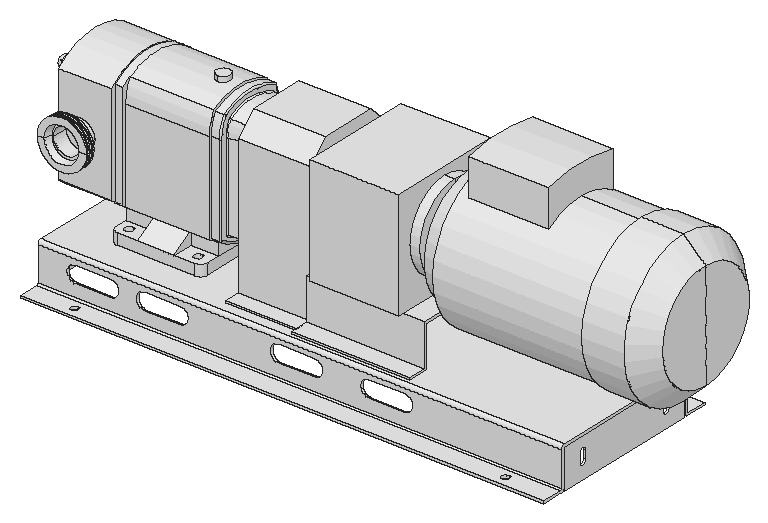
Revit family "MLP 25 - MR172 - Lobe Pump ", category Specialty Equipment, Revit 2022
Family settings
  Round Connector Dimension = Use Diameter
  Part Type = Normal
  Work Plane-Based = No
  Always vertical = Yes
  Cut with Voids When Loaded = No
  Maintain Annotation Orientation = No
  Shared = No
  Room Calculation Point = No
Parameters (values of type "MLP 25 - 4kW")
  URL = "https://en.ekinendustriyel.com/lobe-pumps/lobe-pumps"
  Pressure = 20.0 bar  # constant formula
  Motor Power = 4 kW  # constant formula
  Model = "MLP-23 TUL - MR172"
  Manufacturer = "Ekin Endüstriyel"
  Keynote = "Double Serpentine Heater Tank"
  Flow = 5.0 m³/h  # constant formula
  Description = "MIT MLP 23 - Lobe Pump"
  Default Elevation = 0 mm
  2 = not(M1)  # yes
  M1 = no
Types (3, lengths in mm): name | 2 | M1
  MLP 25 - 2.2kW | no | yes
  MLP 25 - 3kW | no | yes
  MLP 25 - 4kW | yes | no
Reference planes
  plane 1 "Center (Front/Back)": y = 0
  plane 2: z = 0
  plane 3 "Center (Left/Right)": x = 0
Forms (mm)
  Extrusion 1, solid, material "Ekin Endüstriyel_StainlesSteel", detail levels medium+fine
    sketch origin (0, 0, 0) x (0, 1, 0) y (0, 0, 1)
      loop
        arc (65, 198) -> (0, 223) -> (-65, 198) r 97
        line (-65, 198) -> (-65, 54)
        arc (-65, 54) -> (0, 29) -> (65, 54) r 97
        line (65, 54) -> (65, 198)
    from 12.606 to -63.081
  Extrusion 2, solid, material "Ekin Endüstriyel_StainlesSteel", detail levels medium+fine
    sketch origin (0, 0, 0) x (0, 1, 0) y (0, 0, 1)
      loop
        arc (-48, 210.291) -> (-53.968, 195.324) -> (-56, 179.34) r 63.873
        line (-56, 179.34) -> (-56, 46.798)
        arc (-56, 46.798) -> (0, 29) -> (56, 46.798) r 97
        line (56, 46.798) -> (56, 169.858)
        arc (56, 169.858) -> (53.981, 190.467) -> (48, 210.291) r 106.175
        arc (48, 210.291) -> (0, 223) -> (-48, 210.291) r 97
    from 146.106 to 24.606
  Extrusion 3, solid, material "Ekin Endüstriyel_StainlesSteel", detail levels coarse
    sketch origin (0, 0, 0) x (0, 1, 0) y (0, 0, 1)
      loop
        arc (65, 198) -> (0, 223) -> (-65, 198) r 97
        line (-65, 198) -> (-65, 54)
        arc (-65, 54) -> (0, 29) -> (65, 54) r 97
        line (65, 54) -> (65, 198)
    from -63.081 to 197.106
  Sweep 4, solid, material "Ekin Endüstriyel_StainlesSteel", detail levels medium+fine
    path in 3D
      loop
        arc (146.106, 48, 210.291) -> (146.106, 53.981, 190.467) -> (146.106, 56, 169.858) r 106.175
        line (146.106, 56, 169.858) -> (146.106, 56, 46.798)
        arc (146.106, 56, 46.798) -> (146.106, 0, 29) -> (146.106, -56, 46.798) r 97
        line (146.106, -56, 46.798) -> (146.106, -56, 179.34)
        arc (146.106, -56, 179.34) -> (146.106, -53.968, 195.324) -> (146.106, -48, 210.291) r 63.873
        arc (146.106, -48, 210.291) -> (146.106, 0, 223) -> (146.106, 48, 210.291) r 97
    profile origin (146.106, 0, 223) x (0, 0, 1) y (1, 0, 0)
      loop
        line (-2.005, 0) -> (-2.005, 13.034)
        arc (-2.005, 13.034) -> (-2.584, 14.431) -> (-3.981, 15.01) r 1.976
        line (-3.981, 15.01) -> (-10.05, 15.01)
        arc (-10.05, 15.01) -> (-11.399, 15.533) -> (-12.042, 16.828) r 2
        line (-12.042, 16.828) -> (-14.997, 49.192)
        arc (-14.997, 49.192) -> (-15.641, 50.487) -> (-16.989, 51.01) r 2
        line (-16.989, 51.01) -> (-23.918, 51.01) -> (-23.918, 0) -> (-2.005, 0)
  Extrusion 5, solid, material "Ekin Endüstriyel_StainlesSteel", detail levels medium+fine
    sketch origin (0, 0, 0) x (0, 1, 0) y (0, 0, 1)
      loop
        arc (-29.766, 192.746) -> (-31.499, 186.142) -> (-32.082, 179.34) r 39.955
        line (-32.082, 179.34) -> (-32.082, 60.336)
        arc (-32.082, 60.336) -> (0, 52.918) -> (32.082, 60.336) r 73.082
        line (32.082, 60.336) -> (32.082, 169.858)
        arc (32.082, 169.858) -> (31.232, 181.657) -> (28.697, 193.212) r 82.257
        arc (28.697, 193.212) -> (-0.583, 199.08) -> (-29.766, 192.746) r 73.082
    from 197.117 to 146.106
  Revolve 6, solid, material "Ekin Endüstriyel_StainlesSteel", detail levels fine
    sketch origin (35.739, 0, 123.787) x (1, 0, 0) y (0, 1, 0)
      loop
        line (-91.533, -65.017) -> (-91.533, -81.986) -> (-102.84, -81.986) -> (-104.31, -82.834) -> (-102.306, -83.991) -> (-104.31, -85.147) -> (-102.306, -86.304) -> (-104.31, -87.461) -> (-102.306, -88.617) -> (-104.31, -89.774) -> (-102.305, -90.932) -> (-104.31, -92.089) -> (-102.306, -93.246) -> (-104.31, -94.403) -> (-102.306, -95.559) -> (-104.665, -96.921) -> (-95.021, -96.921) -> (-92.632, -86.921) -> (-89.13, -86.921) -> (-89.13, -65.017) -> (-91.533, -65.017)
      axis (-69.763, -65.017) -> (-69.763, -96.921)
    angle from 0 to 360
  Extrusion 7, solid, material "Ekin Endüstriyel_StainlesSteel"
    sketch origin (-63.081, 0, 0) x (0, -1, 0) y (0, 0, 1)
      loop
        circle (0, 126) r 50
    from 0 to 8.313
  Extrusion 8, solid, material "Ekin Endüstriyel_StainlesSteel", detail levels medium+fine
    sketch origin (0, 0, 0) x (0, 1, 0) y (0, 0, 1)
      loop
        line (-34.093, 32.841) -> (-65, 15) -> (65, 15) -> (34.097, 32.842)
        arc (34.097, 32.842) -> (0.002, 27.834) -> (-34.093, 32.841) r 118.583
    from 49.717 to 102.402
  Extrusion 9, solid, material "Ekin Endüstriyel_StainlesSteel", detail levels medium
    sketch origin (-75.568, 0, 30.923) x (1, 0, 0) y (0, 0, 1)
      loop
        circle (41.544, 92.864) r 34.902
      loop
        circle (41.544, 92.864) r 25.078
    from 65.017 to 96.921
  Extrusion 10, solid, material "Ekin Endüstriyel_StainlesSteel"
    sketch origin (107.25, 0, 153) x (0, 0, 1) y (0, 1, 0)
      loop
        circle (0, 0) r 11
    from -136.356 to -89.856
  Extrusion 11, solid, material "Ekin Endüstriyel_StainlesSteel", detail levels medium+fine
    sketch origin (0, 0, 0) x (0, 1, 0) y (0, 0, 1)
      loop
        line (-60, 202.217) -> (-60, 49.783)
        arc (-60, 49.783) -> (0, 29) -> (60, 49.783) r 97
        line (60, 49.783) -> (60, 202.217)
        arc (60, 202.217) -> (0, 223) -> (-60, 202.217) r 97
    from 24.606 to 12.606
  Extrusion 12, solid, material "Ekin Endüstriyel_StainlesSteel", detail levels coarse
    sketch origin (-99.135, 0, 4.353) x (1, 0, 0) y (0, 0, 1)
      loop
        circle (65.111, 119.434) r 34.902
    from 65 to 96.921
  Extrusion 13, solid, material "Ekin Endüstriyel_StainlesSteel"
    sketch origin (0, 0, 0) x (1, 0, 0) y (0, 1, 0)
      loop
        line (20.606, -65) -> (132.606, -65)
        arc (132.606, -65) -> (139.677, -62.071) -> (142.606, -55) r 10
        line (142.606, -55) -> (142.606, 55)
        arc (142.606, 55) -> (139.677, 62.071) -> (132.606, 65) r 10
        line (132.606, 65) -> (20.606, 65)
        arc (20.606, 65) -> (13.535, 62.071) -> (10.606, 55) r 10
        line (10.606, 55) -> (10.606, -55)
        arc (10.606, -55) -> (13.535, -62.071) -> (20.606, -65) r 10
      loop
        circle (25.606, -50) r 6
      loop
        circle (125.606, -50) r 6
      loop
        circle (125.606, 50) r 6
      loop
        circle (25.606, 50) r 6
    from 0 to 15
  Extrusion 14, solid, material "Ekin Endüstriyel_StainlesSteel"
    sketch origin (0, 0, 0) x (0, 1, 0) y (0, 0, 1)
      loop
        line (-31.587, 34.287) -> (-35.009, 32.312) -> (-35.009, 15) -> (35.026, 15) -> (35.026, 32.305) -> (31.591, 34.289)
        arc (31.591, 34.289) -> (0.002, 29) -> (-31.587, 34.287) r 97
    from 10.606 to 142.606
  Revolve 15, solid, material "Ekin Endüstriyel_StainlesSteel", detail levels fine
    sketch origin (56.401, 0, 191.795) x (1, 0, 0) y (0, 1, 0)
      loop
        line (-119.482, -30.426) -> (-128.896, -30.426)
        arc (-128.896, -30.426) -> (-135.428, -33.235) -> (-137.883, -39.91) r 9
        line (-137.883, -39.91) -> (-119.482, -39.91) -> (-119.482, -30.426)
      axis (-119.482, -39.954) -> (-137.883, -39.954)
    angle from 0 to 360
  Extrusion 16, solid, material "Ekin Endüstriyel_StainlesSteel", detail levels medium+fine
    sketch origin (0, 0, 0) x (1, 0, 0) y (0, 1, 0)
      loop
        circle (121.106, 0) r 10
    from 221 to 229
  Extrusion 17, solid, material "Ekin Endüstriyel_StainlesSteel", detail levels coarse+medium
    sketch origin (-119.482, 0, 146.417) x (0, 0, 1) y (0, 1, 0)
      loop
        circle (45.378, -39.954) r 9.5
      loop
        circle (45.378, 39.954) r 9.5
      loop
        circle (-86.212, 39.954) r 9.5
      loop
        circle (-86.212, -39.954) r 9.5
    from -56.401 to -38.013
  Revolve 18, solid, material "Ekin Endüstriyel_StainlesSteel", detail levels fine
    sketch origin (56.401, 0, 191.795) x (1, 0, 0) y (0, 1, 0)
      loop
        line (-119.482, 49.437) -> (-128.896, 49.437)
        arc (-128.896, 49.437) -> (-135.428, 46.628) -> (-137.883, 39.954) r 9
        line (-137.883, 39.954) -> (-119.482, 39.954) -> (-119.482, 49.437)
      axis (-119.482, 39.954) -> (-137.883, 39.954)
    angle from 0 to 360
  Revolve 19, solid, material "Ekin Endüstriyel_StainlesSteel", detail levels fine
    sketch origin (56.401, 0, 60.205) x (1, 0, 0) y (0, 1, 0)
      loop
        line (-119.482, -30.426) -> (-128.896, -30.426)
        arc (-128.896, -30.426) -> (-135.428, -33.235) -> (-137.883, -39.91) r 9
        line (-137.883, -39.91) -> (-119.482, -39.91) -> (-119.482, -30.426)
      axis (-119.482, -39.954) -> (-137.883, -39.954)
    angle from 0 to 360
  Revolve 20, solid, material "Ekin Endüstriyel_StainlesSteel", detail levels fine
    sketch origin (56.401, 0, 60.205) x (1, 0, 0) y (0, 1, 0)
      loop
        line (-119.482, 49.437) -> (-128.896, 49.437)
        arc (-128.896, 49.437) -> (-135.428, 46.628) -> (-137.883, 39.954) r 9
        line (-137.883, 39.954) -> (-119.482, 39.954) -> (-119.482, 49.437)
      axis (-119.482, 39.954) -> (-137.883, 39.954)
    angle from 0 to 360
  Revolve 21, solid, material "Ekin Endüstriyel_StainlesSteel", detail levels fine
    sketch origin (35.739, 0, 123.787) x (1, 0, 0) y (0, 1, 0)
      loop
        line (-91.533, 65.017) -> (-89.13, 65.017) -> (-89.13, 86.921) -> (-92.632, 86.921) -> (-95.021, 96.921) -> (-104.665, 96.921) -> (-102.306, 95.559) -> (-104.31, 94.403) -> (-102.306, 93.246) -> (-104.31, 92.089) -> (-102.305, 90.932) -> (-104.31, 89.774) -> (-102.306, 88.617) -> (-104.31, 87.461) -> (-102.306, 86.304) -> (-104.31, 85.147) -> (-102.306, 83.991) -> (-104.31, 82.834) -> (-102.84, 81.986) -> (-91.533, 81.986) -> (-91.533, 65.017)
      axis (-69.763, 65.017) -> (-69.763, 96.921)
    angle from 0 to 360
  Extrusion 22, solid, material "Ekin Endüstriyel_StainlesSteel", detail levels medium
    sketch origin (-75.568, 0, 30.923) x (1, 0, 0) y (0, 0, -1)
      loop
        circle (41.544, -92.864) r 34.902
      loop
        circle (41.544, -92.864) r 25.078
    from 65.017 to 96.921
  Extrusion 23, solid, material "Ekin Endüstriyel_StainlesSteel", detail levels coarse
    sketch origin (-99.135, 0, 4.353) x (1, 0, 0) y (0, 0, -1)
      loop
        circle (65.111, -119.434) r 34.902
    from 65 to 96.921
  Extrusion 24, solid, material "Ekin Endüstriyel_StainlesSteel", detail levels medium+fine
    sketch origin (69.169, -0.001, 0) x (0, 1, 0) y (0, 0, 1)
      loop
        line (145, -57) -> (114.5, -57)
        arc (114.5, -57) -> (113.086, -56.414) -> (112.5, -55) r 2
        line (112.5, -55) -> (112.5, -5)
        arc (112.5, -5) -> (111.036, -1.464) -> (107.5, 0) r 5
        line (107.5, 0) -> (-107.5, 0)
        arc (-107.5, 0) -> (-111.036, -1.464) -> (-112.5, -5) r 5
        line (-112.5, -5) -> (-112.5, -55)
        arc (-112.5, -55) -> (-113.086, -56.414) -> (-114.5, -57) r 2
        line (-114.5, -57) -> (-145, -57) -> (-145, -60) -> (-114.5, -60)
        arc (-114.5, -60) -> (-110.964, -58.536) -> (-109.5, -55) r 5
        line (-109.5, -55) -> (-109.5, -5)
        arc (-109.5, -5) -> (-108.914, -3.586) -> (-107.5, -3) r 2
        line (-107.5, -3) -> (107.5, -3)
        arc (107.5, -3) -> (108.914, -3.586) -> (109.5, -5) r 2
        line (109.5, -5) -> (109.5, -55)
        arc (109.5, -55) -> (110.964, -58.536) -> (114.5, -60) r 5
        line (114.5, -60) -> (145, -60) -> (145, -57)
    from -124.25 to 629.75
  Extrusion 25, void
    sketch origin (69.169, -112.501, -5) x (0, 0, -1) y (1, 0, 0)
      loop
        line (7.5, -20.25) -> (7.5, -70.25)
        arc (7.5, -70.25) -> (20, -82.75) -> (32.5, -70.25) r 12.5
        line (32.5, -70.25) -> (32.5, -20.25)
        arc (32.5, -20.25) -> (20, -7.75) -> (7.5, -20.25) r 12.5
      loop
        arc (7.5, 29.75) -> (20, 17.25) -> (32.5, 29.75) r 12.5
        line (32.5, 29.75) -> (32.5, 79.75)
        arc (32.5, 79.75) -> (20, 92.25) -> (7.5, 79.75) r 12.5
        line (7.5, 79.75) -> (7.5, 29.75)
      loop
        line (7, 272.75) -> (7, 222.75)
        arc (7, 222.75) -> (19.5, 210.25) -> (32, 222.75) r 12.5
        line (32, 222.75) -> (32, 272.75)
        arc (32, 272.75) -> (19.5, 285.25) -> (7, 272.75) r 12.5
      loop
        arc (7, 352.75) -> (19.5, 340.25) -> (32, 352.75) r 12.5
        line (32, 352.75) -> (32, 402.75)
        arc (32, 402.75) -> (19.5, 415.25) -> (7, 402.75) r 12.5
        line (7, 402.75) -> (7, 352.75)
    from 0 to -225
  Extrusion 26, solid, material "Ekin Endüstriyel_StainlesSteel", detail levels medium+fine
    sketch origin (-55.081, -0.001, 0) x (0, -1, 0) y (0, 0, 1)
      loop
        line (-107.5, -60) -> (107.5, -60) -> (107.5, -3) -> (-107.5, -3) -> (-107.5, -60)
      loop
        arc (-69, -24) -> (-75, -18) -> (-81, -24) r 6
        line (-81, -24) -> (-81, -36)
        arc (-81, -36) -> (-75, -42) -> (-69, -36) r 6
        line (-69, -36) -> (-69, -24)
      loop
        arc (81, -24) -> (75, -18) -> (69, -24) r 6
        line (69, -24) -> (69, -36)
        arc (69, -36) -> (75, -42) -> (81, -36) r 6
        line (81, -36) -> (81, -24)
    from 0 to -3
  Extrusion 27, solid, material "Ekin Endüstriyel_StainlesSteel", detail levels medium+fine
    sketch origin (695.919, -0.001, 0) x (0, -1, 0) y (0, 0, 1)
      loop
        line (-107.5, -60) -> (107.5, -60) -> (107.5, -3) -> (-107.5, -3) -> (-107.5, -60)
      loop
        arc (-69, -24) -> (-75, -18) -> (-81, -24) r 6
        line (-81, -24) -> (-81, -36)
        arc (-81, -36) -> (-75, -42) -> (-69, -36) r 6
        line (-69, -36) -> (-69, -24)
      loop
        arc (81, -24) -> (75, -18) -> (69, -24) r 6
        line (69, -24) -> (69, -36)
        arc (69, -36) -> (75, -42) -> (81, -36) r 6
        line (81, -36) -> (81, -24)
    from 0 to -3
  Extrusion 28, void
    sketch origin (69.169, -0.001, 0) x (1, 0, 0) y (0, 1, 0)
      loop
        circle (562.75, 130) r 5.5
      loop
        circle (-57.25, 130) r 5.5
      loop
        circle (-57.25, -130) r 5.5
      loop
        circle (562.75, -130) r 5.5
    from -60 to -57
  Extrusion 29, solid, material "Ekin Endüstriyel_StainlesSteel", detail levels coarse
    sketch origin (69.169, -0.001, 0) x (1, 0, 0) y (0, 1, 0)
      loop
        line (-124.25, -145) -> (629.75, -145) -> (629.75, 145) -> (-124.25, 145) -> (-124.25, -145)
    from 0 to -60
  Extrusion 30, solid, material "Ekin Endüstriyel_StainlesSteel", detail levels medium+fine
    sketch origin (195.419, -0.001, 0) x (0, 1, 0) y (0, 0, 1)
      loop
        line (-68.052, 199.987) -> (-68.052, 1.499) -> (-91.833, 1.499) -> (-91.833, 0) -> (-43.922, 0) -> (-43.922, 189.992) -> (-30.826, 203.088) -> (30.828, 203.088) -> (43.924, 189.992) -> (43.924, 0) -> (91.835, 0) -> (91.835, 1.499) -> (68.054, 1.499) -> (68.054, 199.987) -> (40.823, 227.218) -> (-40.821, 227.218) -> (-68.052, 199.987)
    from 2.472 to 105.552
  Extrusion 31, solid, material "Ekin Endüstriyel_StainlesSteel", detail levels coarse
    sketch origin (69.169, -0.001, 0) x (0, 1, 0) y (0, 0, 1)
      loop
        line (-75, 63) -> (-75, 0) -> (75, 0) -> (75, 63) -> (-75, 63)
    from 231.75 to 401.75
  Extrusion 32, solid, material "Ekin Endüstriyel_StainlesSteel", detail levels coarse
    sketch origin (195.419, -0.001, 0) x (0, 1, 0) y (0, 0, 1)
      loop
        line (-68.052, 199.987) -> (-68.052, 0) -> (68.054, 0) -> (68.054, 199.987) -> (40.823, 227.218) -> (-40.821, 227.218) -> (-68.052, 199.987)
    from 2.472 to 105.552
  Extrusion 33, solid, material "Ekin Endüstriyel_StainlesSteel", detail levels medium+fine
    sketch origin (69.169, -0.001, 0) x (0, 1, 0) y (0, 0, 1)
      loop
        line (-102, 3) -> (-102, 0) -> (-72, 0) -> (-72, 60) -> (72, 60) -> (72, 0) -> (102, 0) -> (102, 3) -> (75, 3) -> (75, 63) -> (-75, 63) -> (-75, 3) -> (-102, 3)
    from 231.75 to 401.75
  Extrusion 34, solid, material "Ekin Endüstriyel_StainlesSteel", visible <- "M1", detail levels coarse
    sketch origin (69.169, -0.001, 0) x (0, 1, 0) y (0, 0, 1)
      loop
        circle (-0.388, 146.929) r 96.636
    from 370.695 to 722.269
  Extrusion 35, solid, material "Ekin Endüstriyel_StainlesSteel", detail levels medium+fine
    sketch origin (69.169, -0.001, 0) x (0, 1, 0) y (0, 0, 1)
      loop
        line (-82.629, 63) -> (82.567, 63) -> (82.567, 220) -> (-82.629, 220) -> (-82.629, 63)
    from 242.269 to 370.695
  Revolve 36, solid, material "Ekin Endüstriyel_StainlesSteel", visible <- "M1", detail levels medium+fine
    sketch origin (69.169, -0.389, 73) x (0, 0, -1) y (1, 0, 0)
      loop
        line (-73.929, 721.25) -> (-144.639, 721.25) -> (-170.565, 695.324) -> (-170.565, 631.695) -> (-167.111, 631.695) -> (-167.111, 432.311) -> (-156.598, 432.311) -> (-150.318, 402.311) -> (-115.897, 402.311) -> (-115.897, 386.266) -> (-136.938, 386.266) -> (-136.938, 371.266) -> (-73.929, 371.266) -> (-73.929, 721.25)
      loop
        line (-129.177, 242.755) -> (-114.928, 242.755) -> (-114.753, 237.758) -> (-97.5, 237.758) -> (-97.5, 231.75) -> (-73.929, 231.75) -> (-73.929, 255.762) -> (-129.458, 255.762) -> (-129.177, 242.755)
      axis (-73.929, 231.75) -> (-73.929, 721.25)
    angle from 0 to 360
  Extrusion 37, solid, material "Ekin Endüstriyel_StainlesSteel", detail levels medium+fine
    sketch origin (795.027, -0.389, 162.03) x (0, 1, 0) y (0, 0, 1)
      loop
        arc (-58.111, 45.726) -> (-0.141, 67.64) -> (57.899, 45.912) r 88.007
        line (57.899, 45.912) -> (57.899, 124.78)
        arc (57.899, 124.78) -> (-0.097, 131.308) -> (-58.111, 124.952) r 264.363
        line (-58.111, 124.952) -> (-58.111, 45.726)
    from -274.118 to -158.945
  Extrusion 38, solid, material "Ekin Endüstriyel_StainlesSteel", detail levels coarse
    sketch origin (69.169, -70.001, 63) x (0, 1, 0) y (-1, 0, 0)
      loop
        line (152.567, -347.315) -> (152.567, -231.75) -> (-12.629, -231.75) -> (-12.629, -347.315) -> (152.567, -347.315)
    from 0 to 157
  Extrusion 39, solid, material "Ekin Endüstriyel_StainlesSteel", visible <- "2", detail levels coarse
    sketch origin (69.221, -0.001, 0) x (0, 1, 0) y (0, 0, 1)
      loop
        circle (-0.388, 146.929) r 108.183
    from 370.695 to 746.695
  Revolve 40, solid, material "Ekin Endüstriyel_StainlesSteel", visible <- "2", detail levels medium+fine
    sketch origin (69.221, -0.389, 73) x (0, 0, -1) y (1, 0, 0)
      loop
        line (-73.929, 746.695) -> (-151.334, 746.695) -> (-182.111, 715.917) -> (-182.111, 655.198) -> (-178.752, 655.198) -> (-178.752, 438.22) -> (-166.992, 438.22) -> (-158.97, 410.114) -> (-115.897, 410.114) -> (-115.897, 386.266) -> (-136.938, 386.266) -> (-136.938, 371.266) -> (-73.929, 371.266) -> (-73.929, 746.695)
      loop
        line (-129.177, 242.755) -> (-114.928, 242.755) -> (-114.753, 237.758) -> (-97.5, 237.758) -> (-97.5, 231.75) -> (-73.929, 231.75) -> (-73.929, 255.762) -> (-129.458, 255.762) -> (-129.177, 242.755)
      axis (-73.929, 231.75) -> (-73.929, 746.695)
    angle from 0 to 360
Cuts and joins
  joined: Sweep 4, Extrusion 5
  joined: Extrusion 2, Extrusion 11, Extrusion 16
  Extrusion 25, Extrusion 28 cuts Extrusion 24
Lines and regions (mm)
  sketch lines
    curve 1: arc (146.106, -48, 210.291) -> (146.106, 0, 223) -> (146.106, 48, 210.291) r 97
    curve 2: arc (146.106, -56, 179.34) -> (146.106, -53.968, 195.324) -> (146.106, -48, 210.291) r 63.873
    curve 3: line (146.106, -56, 179.34) -> (146.106, -56, 46.798)
    curve 4: arc (146.106, 56, 46.798) -> (146.106, 0, 29) -> (146.106, -56, 46.798) r 97
    curve 5: line (146.106, 56, 46.798) -> (146.106, 56, 169.858)
    curve 6: arc (146.106, 48, 210.291) -> (146.106, 53.981, 190.467) -> (146.106, 56, 169.858) r 106.175
Dimensions and locks
  aligned and locked: level to plane 2
Connectors
  piping at (-34.024, 96.921, 123.787), diameter 50.8
    settings: on Extrusion 22, index 2, connector inside diameter 609.6 mm, connector length 0 mm, flow factor 0, pipe flow 0.0 m³/h, pressure drop 0.0 bar, fitting loss kfactor 0, connector angle 0.00°, fixture units 0, engagement length 0 mm, angle of deflection 0.00°, flow configuration 0, flow direction 0, fitting loss method 0, system type 7, joint type 0, gender type 0, connector reference index -1, connector utility 0, adjustable connector no, is connector primary yes, connector description ""
  piping at (-34.024, -96.921, 123.787), diameter 50.8
    settings: on Extrusion 9, index 3, connector inside diameter 609.6 mm, connector length 0 mm, flow factor 0, pipe flow 0.0 m³/h, pressure drop 0.0 bar, fitting loss kfactor 0, connector angle 0.00°, fixture units 0, engagement length 0 mm, angle of deflection 0.00°, flow configuration 0, flow direction 0, fitting loss method 0, system type 7, joint type 0, gender type 0, connector reference index -1, connector utility 0, adjustable connector no, is connector primary no, connector description ""
